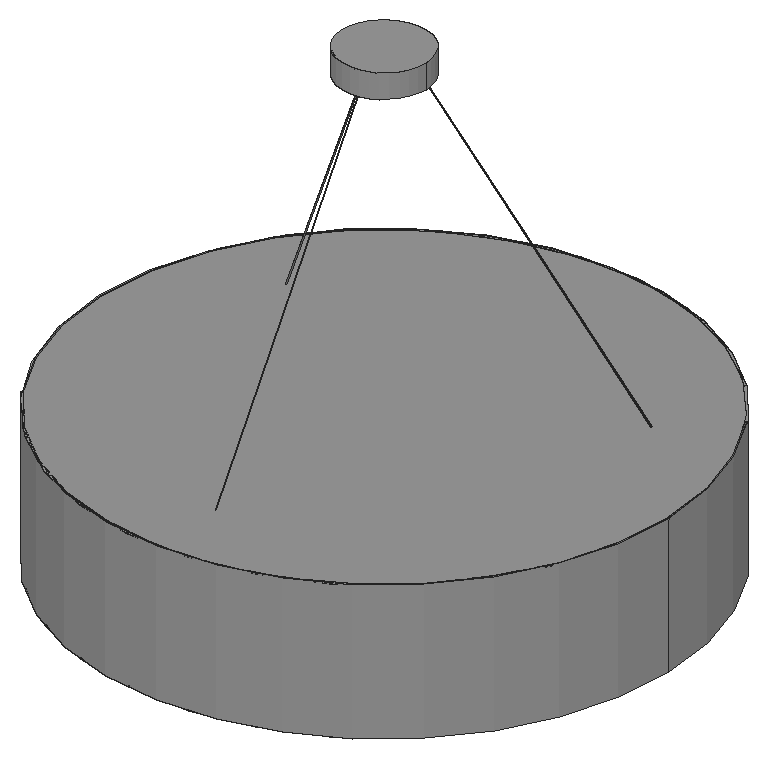
Revit family "Artemide_Tagora_Suspended_970", category Apparecchi per illuminazione, Revit 2018
Family settings
  Quota connettore circolare = Usa diametro
  Tipo di parte = Normale
  Basato su piano di lavoro = Sì
  Sempre verticale = Sì
  Taglio con vuoti quando caricato = No
  Sorgente d'illuminazione = Sì
  Condiviso = No
  Punto di calcolo locali = No
Parameters
  Wattage = 84 W
  built-in parameter 1150110 = 1 (stored number, unit not read)
  Voltage = "-"
  built-in parameter 1114217 = 1 (stored number, unit not read)
  Tilt Angle = 90.00°
  built-in parameter 1150109 = 1 (stored number, unit not read)
  built-in parameter 1150134 = 12
  built-in parameter 1150113 = 1 (stored number, unit not read)
  Radius_InternalCylinder = Radius_ExternalCyilinder - 2 mm  # 483 mm
  Radius_ExternalCyilinder = 485 mm
  Product Range = "Tagora"
  File diagramma fotometrico = "M248921.IES"
  Max Height from ceiling = 2000 mm
  M_HousingCylinder = Artemide_Aluminum_Beige
  M_Housing = Artemide_Aluminum_White
  M_Fixings = Artemide_Aluminum_Anodized
  M_Diffuser = Artemide_Glass_LightBulb
  built-in parameter 1150105 = 511.3 (stored number, unit not read)
  Lumens = 6425.16 lm
  built-in parameter 1150115 = 1 (stored number, unit not read)
  built-in parameter 1150137 = (empty or 0)
  built-in parameter 1150139 = (empty or 0)
  built-in parameter 1150112 = 1 (stored number, unit not read)
  built-in parameter 1150114 = 1 (stored number, unit not read)
  built-in parameter 1150132 = (empty or 0)
  built-in parameter 1150102 = (empty or 0)
  built-in parameter 1150107 = 4000 (stored number, unit not read)
  built-in parameter 1150138 = (empty or 0)
  built-in parameter 1150106 = 5.113 (stored number, unit not read)
  IfcExportType = "NOT DEFINED"  # constant formula
  IfcExportAs = "IfcLightFixtureType"  # constant formula
  Weekly = "-"
  Warranty ID = "https://cloud.artemide.com/5-years-warranty"
  Upward Component  = 0
  Unified Glare Rating  = "-"
  Uniclass 2015 = "Pr_70_70_48"  # constant formula
  URL to O&M Manual = "https://www.artemide.com/contents/documenti/prodotto/tagora_sospensione_970_instructions2534993.pdf"
  URL to Energy Technology List = "-"
  Total Power = 0
  Total Light Output  = 0
  Testing method = "-"
  Supply Phase = 0
  Suitable for Photocell Control = "-"
  Suitable for Motion Detector Control = "N"
  Suitable for Dimming  = "Y"
  Suitable Dimmer Type = "DALI"
  Standards = "-"
  Shipping Weight = 0
  Service life  = "-"
  Secondary Rated Lamp Life = 0
  Secondary Lamp Voltage = 0
  Secondary Lamp International Type Code = "-"
  Secondary Lamp Initial Lumens  = 0
  Secondary Lamp Included = "-"
  Secondary Lamp Efficacy = 0
  Secondary Lamp Colour Temperature = 0
  Secondary Lamp Colour Rendering Index = 0
  Secondary Lamp Cap = "-"
  Secondary Lamp = "-"
  Responsible Sourcing of Materials = "-"
  Responsible Extraction of Materials = "-"
  Rated Lamp Life = 50000
  Quarterly = "-"
  Product Model Number = "M248921"
  Product Literature = "https://www.artemide.com/en/subfamily/1688096/tagora-suspension-970"
  Primary Lamp Type = "LED"
  Power Supply Kit = "-"
  Power Factor = 0
  Photocell = "-"
  Overall Width = 0
  Overall Light Output Ratio = 0
  Overall Length = 970
  Overall Height = 230
  Output Lumens Indirect light = 0
  Output Lumens Direct light = 6425
  Number of Secondary Lamps = 0
  Number of Primary Lamps = 1
  Number of Poles = 0
  Motion Sensor = "-"
  Motion Detector = "-"
  Monthly = "-"
  Minimum Operating Temperature = 0
  Maximum Operating Temperature = 0
  Material Ingredient Reporting = "-"
  Manufacturer Website = "https://www.artemide.com"
  Produttore = "Artemide"
  Maintenance Required: 8001-12000hrs  = "-"
  Maintenance Required: 601-1000hrs = "-"
  Maintenance Required: 4001-8000hrs  = "-"
  Maintenance Required: 301-600hrs  = "-"
  Maintenance Required: 2001-4000hrs  = "-"
  Maintenance Required: 1001-2000hrs  = "-"
  Maintenance Required: 0-300hrs  = "-"
  Luminance at 65deg Angle = 0
  Luminaire Type = "Pendant"
  Luminaire Maintenance Factor = 0
  Luminaire Cleaning Interval  = "-"
  Louvre/Lens = "-"
  Location of Manufacturer = "-"
  Light Output Pattern = "-"
  Light Fixture Mounting Type = "Suspended"
  Life Cycle Analysis = "-"
  Lamp Survival Factor = "-"
  Lamp Replacement Interval = "-"
  Lamp Included = "Y"
  Lamp Cap = "LED Integrated"
  LED lifetime = 50000
  LED Maintained Colour Variation         = 0
  LED Initial Colour Variation                      = 0
  International Type Code = "-"
  Intended Market = "Unset"
  Integral Fuse or Circuit Protection  = "-"
  Integral Emergency Lighting Battery Type = "-"
  Input Lumens Indirect light = 0
  Input Lumens Direct light = 11898.8
  Initial Lumens = 6425
  Infills = "-"
  IP Rating = "IP20"
  IK Rating = "-"
  IES Files  = "https://www.artemide.com/product/downloadFile/1731152/ieseu/4887765"
  Housing Material = "Aluminium"
  Housing Finish  = "Painted"
  Housing Colour  = "Beige/White"
  Hazardous Area Protection Type = "-"
  Hazardous Area Category = "-"
  Gross Weight = 21
  Green Guide for Specification = "-"
  Frequency  = 0
  Fixings = "-"
  Fire Shroud = "-"
  Fire Rating Duration = 0
  Fire Rated Temperature = 0
  Fire Rated = "-"
  Features = "Any additional components/accessories included in this file are required to complete the product/configuration and must be ordered separately.Please check the catalogue/dedicated brochure for more information"
  Face Width = 0
  Face Shape = "Cylindrical"
  Face Length = 0
  External Control Line Voltage = 0
  Expected Life = "-"
  Environmental Product Declaration = "-"
  End Caps/Transition Caps/Joints = "-"
  Emit from Circle Diameter = 878.4 mm
  Rendi la forma visibile nel rendering = no
  Emergency light output percentage = 0
  Emergency Lighting Battery = "-"
  Emergency Charging Power       = 0
  Emergency = "N"
  Embodied Carbon  = 0
  Efficiency = 54
  built-in parameter 1150104 = 7.1062 (stored number, unit not read)
  Earth Point  = "-"
  ENEC Certification of European conformity = "N"
  Duration of Integral Emergency Lighting  = 0
  Drive Current                                          = 0
  Downward Component = 0
  Distance_LampFromCeilingMax [instance] = if(Distance_LampFromCeiling < Max Height from ceiling, Distance_LampFromCeiling, Max Height from ceiling)  # 550.4 mm
  Distance_LampFromCeiling [instance] = 550.4 mm
  Distance_HeightLamp = 235 mm
  Variazione temperatura colore lampada con luminosità attenuata = <Nessuno>
  Diffusing screen = "-"
  Designed by = "S./R. Cornelissen"
  Default Elevation = 1219.2 mm
  Daylight Sensor = "-"
  Daily = "-"
  Cut Out Width = 0
  Cut Out Length = 0
  Current  = 0
  Control Gear Type = "-"
  Control Gear Standby Power  = 0
  Control Gear Required = "-"
  Control Gear Location = "-"
  Column = "-"
  Colour Temperature = 4000
  Colour Rendering Index = 80
  Filtro dei colori = 16777215
  CE Approval = "Y"
  Bespoke Timeframe = "-"
  Beam Angle Transverse Axis  = 0.00°
  Beam Angle Longditudinal Axis  = 0.00°
  Basis of lifetime luminaire failures        = 0
  Basis of lifetime lumen depreciation   = 0
  built-in parameter 1114218 = 1 (stored number, unit not read)
  built-in parameter 1150133 = 10 (stored number, unit not read)
  Application Environment = "Internal"
  Annually = "-"
  Ambient Temperature                             = 0
  Air Handling = "-"
  Access Clearance Top = 0
  Access Clearance Right = 0
  Access Clearance Rear = 0
  Access Clearance Left = 0
  Access Clearance Front = 0
  Access Clearance Bottom = 0
  6 Monthly = "-"
Reference planes
  plane 1 "Center (Front/Back)": y = 0
  plane 2 "Top Fixings": z = 0
  plane 3 "Center (Left/Right)": x = 0
  plane 4: z = -687.4
  plane 5 "Bottom Lamp": z = -785.4
  plane 6 "Light": z = -674.713
  plane 7: z = -690.4
  plane 8 "Top Lamp": z = -550.4
  plane 9 "Center L/Y": z = -552.4
  plane 10 "Center L/Z": z = -40.812
  plane 11: y = -50.491
  plane 12: y = -359.463
Forms (mm)
  Extrusion 1, solid, material "Artemide_Aluminum_Beige" <- "M_HousingCylinder"
    sketch origin (0, 0, 0) x (1, 0, 0) y (0, 1, 0)
      loop
        circle (0, 0) r 485
      loop
        circle (0, 0) r 483
    from -785.4 to -550.4
  Extrusion 2, solid, material "Artemide_Aluminum_Beige" <- "M_HousingCylinder"
    sketch origin (0, 0, 0) x (1, 0, 0) y (0, 1, 0)
      loop
        circle (0, 0) r 483
    from -552.4 to -550.4
  Revolve 3, solid, material "Artemide_Aluminum_White" <- "M_Housing"
    sketch origin (0, 0, -680) x (1, 0, 0) y (0, 0, 1)
      loop
        line (-439.612, -7.4) -> (-483, -105.4) -> (-481.235, -105.4) -> (-437.847, -7.4) -> (-439.612, -7.4)
      axis (0, -7.4) -> (0, -105.4)
    angle from 0 to 360
  Revolve 4, solid, material "Artemide_Glass_LightBulb" <- "M_Diffuser"
    sketch origin (0, 0, -680) x (1, 0, 0) y (0, 0, 1)
      loop
        line (0, -7.4) -> (-437.816, -7.4) -> (-437.816, -10.4) -> (0, -10.4) -> (0, -7.4)
      axis (0, -7.4) -> (0, -10.4)
    angle from 0 to 360
  Extrusion 5, solid, material "Artemide_Aluminum_Anodized" <- "M_Fixings"
    sketch origin (0, 0, 0) x (1, 0, 0) y (0, 1, 0)
      loop
        circle (0, 0) r 71.65
    from -40.812 to 0
  Sweep 6, solid, material "Artemide_Aluminum_Anodized" <- "M_Fixings"
    path origin (0, 0, 0) x (0, 1, 0) y (0, 0, 1)
      loop
        line (-50.491, -40.812) -> (-359.463, -550.4)
    profile origin (0, -204.977, -295.606) x (0, 0.8551, -0.518462) y (1, 0, 0)
      loop
        circle (0, 0) r 0.4
  Sweep 7, solid, material "Artemide_Aluminum_Anodized" <- "M_Fixings"
    path origin (0, 0, 0) x (-0.866025, -0.5, 0) y (0, 0, 1)
      loop
        line (-50.491, -40.812) -> (-359.463, -550.4)
    profile origin (177.515, 102.488, -295.606) x (-0.740539, -0.42755, -0.518462) y (-0.5, 0.866025, 0)
      loop
        circle (0, 0) r 0.4
  Sweep 8, solid, material "Artemide_Aluminum_Anodized" <- "M_Fixings"
    path origin (0, 0, 0) x (0.866025, -0.5, 0) y (0, 0, -1)
      loop
        line (-50.491, 40.812) -> (-359.463, 550.4)
    profile origin (-177.515, 102.488, -295.606) x (-0.740539, 0.42755, 0.518462) y (0.5, 0.866025, 0)
      loop
        circle (0, 0) r 0.4
Dimensions and locks
  "Distance_HeightLamp": plane 8 "Top Lamp" to plane 5 "Bottom Lamp"
  locked: plane 8 "Top Lamp" to plane 9 "Center L/Y" at 2
  "Distance_LampFromCeilingMax": plane 2 "Top Fixings" to plane 8 "Top Lamp"
  locked: plane 1 "Center (Front/Back)" to plane 11 at 50.491
  locked: plane 11 to plane 12 at 308.972
  locked: plane 2 "Top Fixings" to plane 10 "Center L/Z" at 40.812
  plane 6 "Light" to plane 4 to plane 7 to plane 5 "Bottom Lamp" = 12.687 mm locked, 3 mm locked, 95 mm locked
  "Radius_ExternalCyilinder": radius of Extrusion 1 sketch curve
  "Radius_InternalCylinder": radius of Extrusion 1 sketch curve
  "Radius_InternalCylinder": radius of Extrusion 2 sketch curve
  aligned and locked: level to plane 2 "Top Fixings"
  aligned and locked: plane 3 "Center (Left/Right)" to imposter light
  aligned and locked: imposter light to plane 1 "Center (Front/Back)"
  aligned and locked: plane 3 "Center (Left/Right)" to Extrusion 1 sketch curve  (x2)
  aligned and locked: plane 1 "Center (Front/Back)" to Extrusion 1 sketch curve  (x2)
  aligned and locked: plane 3 "Center (Left/Right)" to Extrusion 2 sketch curve
  aligned and locked: plane 1 "Center (Front/Back)" to Extrusion 2 sketch curve
  aligned and locked: Revolve 3 sketch curve to plane 3 "Center (Left/Right)"
  aligned and locked: plane 4 to Revolve 4 sketch curve
  aligned and locked: Revolve 4 sketch curve to plane 7
  aligned and locked: Revolve 4 sketch curve to plane 3 "Center (Left/Right)"
  aligned and locked: plane 8 "Top Lamp" to Extrusion 1
  aligned and locked: Extrusion 2 to plane 9 "Center L/Y"
  aligned and locked: plane 8 "Top Lamp" to Extrusion 2
  aligned and locked: plane 6 "Light" to imposter light
  aligned and locked: plane 3 "Center (Left/Right)" to Extrusion 5 sketch curve
  aligned and locked: plane 1 "Center (Front/Back)" to Extrusion 5 sketch curve
  aligned and locked: plane 2 "Top Fixings" to Extrusion 5
  aligned and locked: plane 12 to Sweep 6 sketch curve
  aligned and locked: plane 8 "Top Lamp" to Sweep 6 sketch curve
  aligned and locked: plane 10 "Center L/Z" to Sweep 6 sketch curve
  aligned and locked: plane 11 to Sweep 6 sketch curve
  aligned and locked: Extrusion 5 to plane 10 "Center L/Z"
  aligned and locked: Extrusion 1 to plane 5 "Bottom Lamp"
  aligned and locked: Revolve 3 sketch curve to plane 4
  aligned and locked: Extrusion 1 to Revolve 3 sketch curve
Automatic sketch dimensions
  Sweep 6 sketch curve to plane 3 "Center (Left/Right)" = 0 mm
  Sweep 6 sketch curve to profile plane = 0 mm
  plane 8 "Top Lamp" to Sweep 7 sketch curve = 0 mm
  plane 10 "Center L/Z" to Sweep 7 sketch curve = 0 mm
  Sweep 7 sketch curve to Sweep 7 sketch curve = 308.972 mm
  profile plane to Sweep 7 sketch curve = 0 mm  (x2)
  plane 8 "Top Lamp" to Sweep 8 sketch curve = 0 mm
  plane 10 "Center L/Z" to Sweep 8 sketch curve = 0 mm
  Sweep 8 sketch curve to Sweep 8 sketch curve = 308.972 mm
  Sweep 8 sketch curve to profile plane = 0 mm
  profile plane to Sweep 8 sketch curve = 0 mm
  Revolve 3 sketch curve to plane 3 "Center (Left/Right)" = 437.847 mm
  Revolve 3 sketch curve to Revolve 3 sketch curve = 1.765 mm  (x2)
  Revolve 3 sketch curve to Revolve 3 sketch curve = 41.623 mm
  Revolve 3 sketch curve to plane 5 "Bottom Lamp" = 1345.919 mm
  level to Revolve 3 sketch curve = 1534.315 mm
  Revolve 4 sketch curve to plane 3 "Center (Left/Right)" = 0 mm
  Revolve 4 sketch curve to Revolve 4 sketch curve = 437.816 mm
  Revolve 4 sketch curve to plane 5 "Bottom Lamp" = 1345.919 mm
  level to Revolve 4 sketch curve = 1534.315 mm
  radius of Extrusion 5 sketch curve = 71.65 mm
  radius of Sweep 6 sketch curve = 0.4 mm
  radius of Sweep 7 sketch curve = 0.4 mm
  radius of Sweep 8 sketch curve = 0.4 mm
